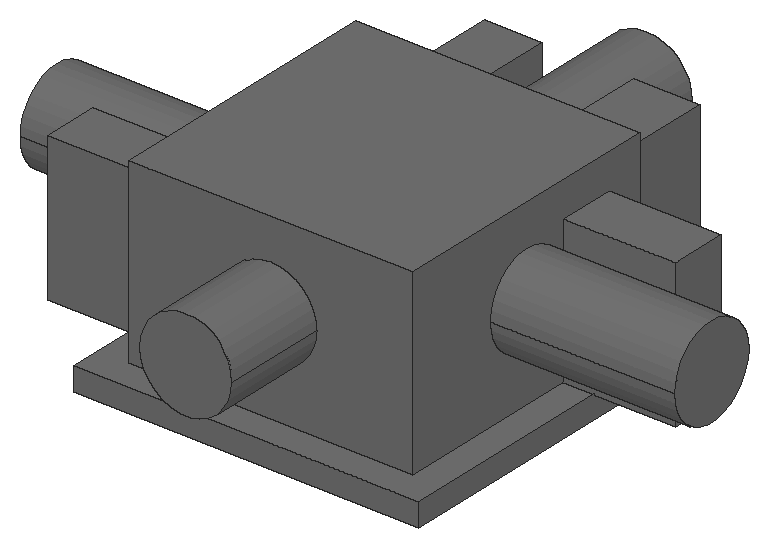
Revit family "v-180sz5(-n)_50Hz", category 機械設備, Revit 2019
Family settings
  丸型コネクタ寸法 = 直径を使用
  パーツ タイプ = 標準
  OmniClass 番号 = 23.75.35.17.27
  OmniClass タイトル = Centrifugal Fans
  作業面ベース = いいえ
  常に垂直 = はい
  ロード時にボイドで切り取り = いいえ
  共有 = いいえ
  部屋計算ポイント = はい
Parameters (values of type "V-180SZ5")
  騒音レベル(dB(A)) [instance] = 42
  風量 [instance] = 250.0 m³/h
  電源種別 [instance] = ""
  電圧 = 100 V
  電動機出力 = 0 W
  電動機_種別 [instance] = ""
  運転質量 = 0.00 kg
  連動 [instance] = ""
  質量 = if(製品質量 > 運転質量, 製品質量, 運転質量) * 1.2  # 8.04 kg
  負荷分類 = 3_ファン類
  説明 = "エアフロー環気システム サニタリー換気ユニット 中間取付形"
  設計風量 [instance] = 0.0 m³/h
  設置方法 = "天埋"
  記号 [instance] = ""
  製造元 = "三菱電機株式会社"
  製品質量 = 6.70 kg
  製品出荷対象 = "国内"
  製品リリース年月 = "2022年6月1日"
  製品グループ = ""
  系統 [instance] = ""
  符号 [instance] = ""
  積算_科目 = "2 換気設備"
  積算_拾い区分 [instance] = ""
  相 = 1
  盤記号 [instance] = ""
  発停方法 [instance] = ""
  特殊仕様 [instance] = ""
  点検口高さ = 20 mm
  点検口_Depth = 450 mm
  点検口 = yes
  火災停止 [instance] = ""
  消費電力 = 30 W
  法定耐用年数 = "15"
  機外静圧 [instance] = 100.0 Pa
  極数 = 2
  材質 [instance] = ""
  操作・制御方式 = ""
  操作・制御スイッチ = ""
  排気量 [instance] = 0.0 m³/h
  形式 = ""
  幹線記号 [instance] = ""
  対象室 [instance] = ""
  実風量 [instance] = 0.0 m³/h
  始動方式 [instance] = "直入"
  外気量 [instance] = 0.0 m³/h
  呼称 = ""
  周波数 = 50 Hz
  参照している仕様書等のバージョン = ""
  分類コード = "50052503100050"
  分類グループ = ""
  価格 = 150200
  企業コード = "108420"
  付属品_防振装置 = ""
  付属品 [instance] = ""
  仕様書バージョン = "Version1.0"
  モデル = "V-180SZ5"
  マテリアル = 合成樹脂(黒)
  ファンの種類 = ""
  ドレン管径 = 18 mm
  ドレン管_H = 14 mm
  ドレン管_D = 239 mm
  ダクト径 = 100 mm
  コメント [instance] = ""
  Keynote = ""
  カバーマテリアル = 合成樹脂(黒)
  Width = 304 mm
  W3 = Width / 2  # 152 mm
  W2 = 110 mm
  W1 = 369 mm
  Version = ""
  Uniclass2015Version = "Systems v1.9"
  Uniclass2015Title = "Centrifugal fans"
  Uniclass2015Code = "Pr_65_67_29_12"
  URL = "https://www.mitsubishielectric.co.jp/ldg/wink/ssl/displayProduct.do?pid=320478"
  SpecificationReference = ""
  SpecificationDescription = ""
  Revision = ""
  RAサイズ_D = 98 mm
  ProductInformation = ""
  OmniClassCode = "23-33 31 19 11 15"
  MIN風量 = 60.0 m³/h
  MIN静圧 = 250.0 Pa
  MID風量 = 120.0 m³/h
  MID静圧 = 220.0 Pa
  MAX風量 = 250.0 m³/h
  MAX静圧 = 100.0 Pa
  IfcTypeProduct = ""
  IfcProduct = ""
  IfcExportType = "PROPELLORAXIAL"
  IfcExportAs = "IfcFanType"
  Height = 194 mm
  H2 = 157 mm
  H1 = 25 mm
  EAサイズ_D = 98 mm
  Duct_RA_Depth = 198 mm
  Duct_H = 101.5 mm
  Duct_EA_Depth = 113 mm
  Depth = 304 mm
  D2 = 120 mm
  D1 = 369 mm
  Cover_Width = 120 mm
  Author = "三菱電機株式会社"
Types (2, lengths in mm): name | 騒音レベル(dB(A)) | 風量 | 質量 | 製品質量 | 消費電力 | 機外静圧 | 分類コード | 価格 | モデル | URL | MIN静圧 | MID風量 | MID静圧 | MAX風量 | MAX静圧
  V-180SZ5 | 42 | 250.0 m³/h | 8.04 kg | 6.70 kg | 30 W | 100.0 Pa | "50052503100050" | 150200 | "V-180SZ5" | "https://www.mitsubishielectric.co.jp/ldg/wink/ssl/displayProduct.do?pid=320478" | 250.0 Pa | 120.0 m³/h | 220.0 Pa | 250.0 m³/h | 100.0 Pa
  V-180SZ5-N | 49 | 225.0 m³/h | 7.20 kg | 6.00 kg | 48 W | 178.0 Pa | "50052504100030" | 90100 | "V-180SZ5-N" | "https://www.mitsubishielectric.co.jp/ldg/wink/ssl/displayProduct.do?pid=320479" | 12.5 Pa | 0.0 m³/h | 0.0 Pa | 225.0 m³/h | 178.0 Pa
Reference planes
  plane 1 "中心(正面/背面)": y = 0
  plane 2: z = 0
  plane 3 "中心(左/右)": x = 0
  plane 4: x = -184.5
  plane 5: x = 184.5
  plane 6: y = 184.5
  plane 7: y = -184.5
  plane 8: x = -152
  plane 9: x = 152
  plane 10: y = 152
  plane 11: y = -152
  plane 12: y = -265
  plane 13: z = 194
  plane 14: z = -25
  plane 15: z = 101.5
  plane 16: y = 350
  plane 17: x = -110
  plane 18: x = 120
  plane 19: y = 272
  plane 20: z = 157
  plane 21: y = 239
  plane 22: z = -14
  plane 23: x = -225
  plane 24: y = 225
  plane 25: y = -225
  plane 26: x = 225
  plane 27: z = -45
  plane 28: x = -76
  plane 29: x = 76
  plane 30: y = 110
  plane 31: y = -110
  plane 32: x = 350
  plane 33: x = -350
  plane 34: x = 272
  plane 35: x = -272
  plane 36: z = 150.5
  plane 37: z = 52.5
  plane 38: x = -49
  plane 39: x = 49
  plane 40: y = 49
  plane 41: y = -49
Forms (mm)
  Extrusion 1, solid, material "合成樹脂(黒)" <- "マテリアル", detail levels fine
    sketch origin (0, 0, 0) x (1, 0, 0) y (0, 1, 0)
      loop
        line (-152, 152) -> (-152, -152) -> (152, -152) -> (152, 152) -> (-152, 152)
    from 0 to 194
  Extrusion 2, solid, material "合成樹脂(黒)" <- "カバーマテリアル", detail levels fine
    sketch origin (0, 0, 0) x (1, 0, 0) y (0, 1, 0)
      loop
        line (-184.5, 184.5) -> (-184.5, -184.5) -> (184.5, -184.5) -> (184.5, 184.5) -> (-184.5, 184.5)
    from 0 to -25
  Extrusion 3, solid, material "合成樹脂(黒)" <- "マテリアル", detail levels fine
    sketch origin (0, 0, 0) x (1, 0, 0) y (0, 0, 1)
      loop
        circle (0, 101.5) r 49
    from 152 to 265
  Extrusion 4, solid, material "合成樹脂(黒)" <- "マテリアル", detail levels fine
    sketch origin (0, 0, 0) x (1, 0, 0) y (0, 0, 1)
      loop
        circle (0, 101.5) r 49
    from -350 to -152
  Extrusion 5, solid, material "合成樹脂(黒)" <- "マテリアル", detail levels fine
    sketch origin (0, 0, 0) x (1, 0, 0) y (0, 1, 0)
      loop
        line (120, 272) -> (49, 272) -> (49, 152) -> (120, 152) -> (120, 272)
    from 0 to 157
  Extrusion 6, solid, material "合成樹脂(黒)" <- "マテリアル", detail levels fine
    sketch origin (0, 0, 0) x (1, 0, 0) y (0, 1, 0)
      loop
        line (-110, 152) -> (-49, 152) -> (-49, 272) -> (-110, 272) -> (-110, 152)
    from 0 to 157
  Extrusion 7, solid, material "合成樹脂(黒)" <- "マテリアル", detail levels fine
    sketch origin (0, 0, 0) x (0, 1, 0) y (0, 0, 1)
      loop
        circle (0, 101.5) r 49
    from 152 to 350
  Extrusion 8, solid, material "合成樹脂(黒)" <- "マテリアル", detail levels fine
    sketch origin (0, 0, 0) x (0, 1, 0) y (0, 0, 1)
      loop
        circle (0, 101.5) r 49
    from -350 to -152
  Extrusion 9, solid, material "合成樹脂(黒)" <- "マテリアル", detail levels fine
    sketch origin (0, 0, 0) x (1, 0, 0) y (0, 1, 0)
      loop
        line (-272, -110) -> (-152, -110) -> (-152, -49) -> (-272, -49) -> (-272, -110)
    from 0 to 157
  Extrusion 10, solid, material "合成樹脂(黒)" <- "マテリアル", detail levels fine
    sketch origin (0, 0, 0) x (1, 0, 0) y (0, 1, 0)
      loop
        line (272, 49) -> (272, 110) -> (152, 110) -> (152, 49) -> (272, 49)
    from 0 to 157
  Extrusion 11, solid, material "合成樹脂(黒)" <- "マテリアル", detail levels fine
    sketch origin (0, 0, 0) x (1, 0, 0) y (0, 0, 1)
      loop
        circle (0, -14) r 9
    from -239 to -184.5
Lines and regions (mm)
  Masking region 1, detail levels coarse+medium
    outline origin (3517.908, 55.806, 0) x (1, 0, 0) y (0, 1, 0)
      loop
        line (-3669.908, 96.194) -> (-3669.908, -207.806) -> (-3365.908, -207.806) -> (-3365.908, 96.194) -> (-3669.908, 96.194)
  symbolic lines, detail levels coarse+medium
    curve 1: circle (-76, 0, 0) r 76 normal (0, 0, 1)
    curve 2: circle (76, 0, 0) r 76 normal (0, 0, 1)
Dimensions and locks
  equal spacing: plane 4, plane 3 "中心(左/右)", plane 5
  "W1": plane 4 to plane 5
  equal spacing: plane 6, plane 1 "中心(正面/背面)", plane 7
  "D1": plane 6 to plane 7
  equal spacing: plane 8, plane 3 "中心(左/右)", plane 9
  "Width": plane 8 to plane 9
  equal spacing: plane 10, plane 1 "中心(正面/背面)", plane 11
  "Depth": plane 10 to plane 11
  "Duct_EA_Depth": plane 11 to plane 12
  "Height": plane 13 to plane 2
  "Duct_H": plane 15 to plane 2
  "H1": plane 2 to plane 14
  "Duct_RA_Depth": plane 16 to plane 10
  "W2": plane 17 to plane 3 "中心(左/右)"
  "Cover_Width": plane 3 "中心(左/右)" to plane 18
  "D2": plane 19 to plane 10
  "H2": plane 20 to level
  "ドレン管_H": level to plane 22
  equal spacing: plane 23, plane 3 "中心(左/右)", plane 26
  "点検口_Depth": plane 23 to plane 26
  equal spacing: plane 24, plane 1 "中心(正面/背面)", plane 25
  "点検口_Depth": plane 24 to plane 25
  "点検口高さ": plane 14 to plane 27
  equal spacing: plane 8, plane 28, plane 3 "中心(左/右)"
  equal spacing: plane 3 "中心(左/右)", plane 29, plane 9
  "W2": plane 30 to plane 1 "中心(正面/背面)"
  "W2": plane 1 "中心(正面/背面)" to plane 31
  "Duct_RA_Depth": plane 33 to plane 8
  "Duct_RA_Depth": plane 9 to plane 32
  "D2": plane 35 to plane 8
  "D2": plane 9 to plane 34
  equal spacing: plane 36, plane 15, plane 37
  "EAサイズ_D": plane 36 to plane 37
  equal spacing: plane 38, plane 3 "中心(左/右)", plane 39
  "EAサイズ_D": plane 38 to plane 39
  equal spacing: plane 41, plane 1 "中心(正面/背面)", plane 40
  "RAサイズ_D": plane 40 to plane 41
  "ドレン管_D": plane 21 to plane 1 "中心(正面/背面)"
  "EAサイズ_D": diameter of Extrusion 3 sketch curve
  "RAサイズ_D": diameter of Extrusion 4 sketch curve
  "RAサイズ_D": diameter of Extrusion 7 sketch curve
  "RAサイズ_D": diameter of Extrusion 8 sketch curve
  "ドレン管径": diameter of Extrusion 11 sketch curve
  "W3": diameter of curve 1
  "W3": diameter of curve 2
  aligned and locked: level to plane 2
  aligned and locked: plane 5 to Extrusion 2
  aligned and locked: plane 6 to Extrusion 2
  aligned and locked: Extrusion 2 to plane 4
  aligned and locked: Extrusion 2 to plane 7
  aligned and locked: plane 9 to Extrusion 1
  aligned and locked: Extrusion 1 to plane 11
  aligned and locked: Extrusion 1 to plane 8
  aligned and locked: plane 10 to Extrusion 1
  aligned and locked: plane 13 to Extrusion 1
  aligned and locked: Extrusion 2 to plane 14
  aligned and locked: level to Extrusion 2
  aligned and locked: Extrusion 1 to level
  aligned and locked: Extrusion 3 to plane 12
  aligned and locked: plane 11 to Extrusion 3
  aligned and locked: Masking region 1 to plane 8
  aligned and locked: plane 9 to Masking region 1
  aligned and locked: Masking region 1 to plane 11
  aligned and locked: plane 10 to Masking region 1
  aligned and locked: plane 16 to Extrusion 4
  aligned and locked: Extrusion 4 to plane 10
  aligned and locked: plane 19 to Extrusion 5 sketch curve
  aligned and locked: plane 18 to Extrusion 5 sketch curve
  aligned and locked: Extrusion 5 sketch curve to plane 10
  aligned and locked: Extrusion 6 sketch curve to plane 10
  aligned and locked: Extrusion 6 sketch curve to plane 17
  aligned and locked: plane 19 to Extrusion 6 sketch curve
  aligned and locked: Extrusion 8 to plane 33
  aligned and locked: plane 8 to Extrusion 8
  aligned and locked: plane 32 to Extrusion 7
  aligned and locked: Extrusion 7 to plane 9
  aligned and locked: Extrusion 9 sketch curve to plane 31
  aligned and locked: plane 35 to Extrusion 9 sketch curve
  aligned and locked: plane 8 to Extrusion 9 sketch curve
  aligned and locked: Extrusion 10 sketch curve to plane 34
  aligned and locked: Extrusion 10 sketch curve to plane 30
  aligned and locked: plane 9 to Extrusion 10 sketch curve
  aligned and locked: plane 24 to nested 1
  aligned and locked: nested 1 to plane 25
  aligned and locked: plane 27 to nested 1
  aligned and locked: nested 1 to plane 26
  aligned and locked: plane 23 to nested 1
  aligned and locked: Extrusion 5 to plane 39
  aligned and locked: plane 38 to Extrusion 6
  aligned and locked: Extrusion 10 to plane 40
  aligned and locked: Extrusion 9 to plane 41
  aligned and locked: Extrusion 10 to plane 2
  aligned and locked: Extrusion 9 to plane 2
  aligned and locked: Extrusion 6 to plane 2
  aligned and locked: plane 21 to Extrusion 11
  aligned and locked: Extrusion 11 to Extrusion 2
Automatic sketch dimensions
  Extrusion 1 sketch curve to plane 8 = 0 mm
  Extrusion 1 sketch curve to plane 9 = 0 mm
  Extrusion 1 sketch curve to plane 11 = 0 mm
  Extrusion 1 sketch curve to plane 10 = 0 mm
  Extrusion 2 sketch curve to plane 4 = 0 mm
  Extrusion 2 sketch curve to plane 5 = 0 mm
  Extrusion 2 sketch curve to plane 7 = 0 mm
  Extrusion 2 sketch curve to plane 6 = 0 mm
  Masking region 1 sketch curve to plane 6 = 336.5 mm
  plane 26 to Masking region 1 sketch curve = 377 mm
  Masking region 1 sketch curve to Masking region 1 sketch curve = 304 mm
  Masking region 1 sketch curve to plane 24 = 73 mm
  Extrusion 3 sketch curve to plane 3 "中心(左/右)" = 0 mm
  Extrusion 3 sketch curve to plane 15 = 0 mm
  Extrusion 4 sketch curve to plane 3 "中心(左/右)" = 0 mm
  Extrusion 4 sketch curve to plane 15 = 0 mm
  Extrusion 7 sketch curve to plane 1 "中心(正面/背面)" = 0 mm
  Extrusion 7 sketch curve to plane 15 = 0 mm
  Extrusion 8 sketch curve to plane 1 "中心(正面/背面)" = 0 mm
  Extrusion 8 sketch curve to plane 15 = 0 mm
  plane 3 "中心(左/右)" to Extrusion 5 sketch curve = 49 mm
  Extrusion 6 sketch curve to plane 3 "中心(左/右)" = 49 mm
  Extrusion 10 sketch curve to plane 1 "中心(正面/背面)" = 49 mm
  Extrusion 9 sketch curve to plane 41 = 0 mm
  Extrusion 11 sketch curve to plane 3 "中心(左/右)" = 0 mm
  Extrusion 11 sketch curve to plane 22 = 0 mm
  plane 1 "中心(正面/背面)" to curve 1 = 0 mm
  curve 1 to plane 28 = 0 mm
  plane 1 "中心(正面/背面)" to curve 2 = 0 mm
  curve 2 to plane 29 = 0 mm
Nested families
  nested 1: "点検口設置範囲" at (0, 0, -45), visible <- "点検口", type "点検口設置範囲"
    with Width 450 mm, Depth 450 mm
Connectors
  hvac at (0, -265, 101.5), driven by "ダクト径", driven by "風量", driven by "機外静圧"
    settings: on Extrusion 3, index 1, duct flow 250.0 m³/h, flow factor 0, pres drop 100.0 Pa, loss coef 0, conn angle 0.00°, conn width 304.8 mm, conn height 304.8 mm, conn diameter 100 mm, duct sys type 3, conn prof type 0, flow config 0, flow direction 2, loss method 4, conn ref index -1, conn util no, is conn primary yes, conn desc ""
  hvac at (350, 0, 101.5), driven by "ダクト径", driven by "機外静圧", driven by "風量"
    settings: on Extrusion 7, index 3, duct flow 250.0 m³/h, flow factor 0, pres drop 100.0 Pa, loss coef 0, conn angle 0.00°, conn width 304.8 mm, conn height 304.8 mm, conn diameter 100 mm, duct sys type 2, conn prof type 0, flow config 0, flow direction 2, loss method 4, conn ref index -1, conn util no, is conn primary no, conn desc ""
  hvac at (0, 350, 101.5), driven by "ダクト径", driven by "機外静圧", driven by "風量"
    settings: on Extrusion 4, index 4, duct flow 250.0 m³/h, flow factor 0, pres drop 100.0 Pa, loss coef 0, conn angle 0.00°, conn width 304.8 mm, conn height 304.8 mm, conn diameter 100 mm, duct sys type 2, conn prof type 0, flow config 0, flow direction 2, loss method 4, conn ref index -1, conn util no, is conn primary no, conn desc ""
  hvac at (-350, 0, 101.5), driven by "ダクト径", driven by "機外静圧", driven by "風量"
    settings: on Extrusion 8, index 5, duct flow 250.0 m³/h, flow factor 0, pres drop 100.0 Pa, loss coef 0, conn angle 0.00°, conn width 304.8 mm, conn height 304.8 mm, conn diameter 100 mm, duct sys type 2, conn prof type 0, flow config 0, flow direction 2, loss method 4, conn ref index -1, conn util no, is conn primary no, conn desc ""
  piping at (0, 239, -14), diameter 18, driven by "ドレン管径"
    settings: on Extrusion 11, index 6, connector inside diameter 609.6 mm, connector length 0 mm, flow factor 0, pipe flow 0.0 L/s, pressure drop 0.0 Pa, fitting loss kfactor 0, connector angle 0.00°, fixture units 0, engagement length 0 mm, angle of deflection 0.00°, flow configuration 0, flow direction 2, fitting loss method 4, system type 16, joint type 0, gender type 0, connector reference index -1, connector utility 0, adjustable connector no, is connector primary yes, connector description ""
  electrical at (84.5, 212, 0), driven by "極数", driven by "負荷分類", driven by "電圧", driven by "消費電力"
    settings: on Extrusion 5, index 7, voltage 100 V, apparent load 30 VA, apparent load phase1 0 VA, apparent load phase2 0 VA, apparent load phase3 0 VA, power factor 1, load classification "3_ファン類", number of poles 2, system type 30, power factor state 1, is connector primary yes, connector utility no, sub classification motor no, connector description ""
Definition of nested family "点検口設置範囲"
  Parameters (values of type "点検口設置範囲")
    Width [instance] = 1000 mm
    Depth [instance] = 700 mm
  Reference planes
    plane 1 "中心(正面/背面)": y = 0
    plane 2: z = 0
    plane 3 "中心(左/右)": x = 0
    plane 4: x = -500
    plane 5: x = 500
    plane 6: y = -350
    plane 7: y = 350
  Lines and regions (mm)
    model lines
      curve 1: line (-500, 350, 0) -> (500, 350, 0)
      curve 2: line (-500, -350, 0) -> (-500, 350, 0)
      curve 3: line (500, -350, 0) -> (-500, -350, 0)
      curve 4: line (500, 350, 0) -> (500, -350, 0)
  Dimensions and locks
    "Depth": plane 7 to plane 6
    "Width": plane 4 to plane 5
    equal spacing: plane 7, plane 1 "中心(正面/背面)", plane 6
    equal spacing: plane 4, plane 3 "中心(左/右)", plane 5
    aligned and locked: level to plane 2
    aligned and locked: plane 4 to curve 2
    aligned and locked: curve 1 to plane 7
    aligned and locked: curve 4 to plane 5
    aligned and locked: plane 6 to curve 3
